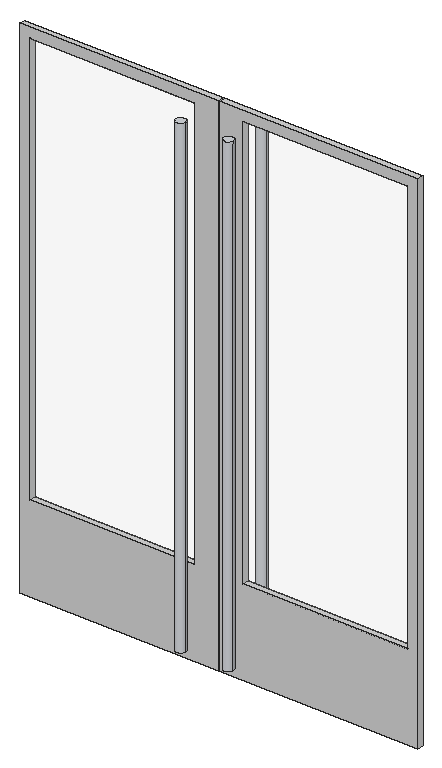
Revit family "DOOR_Double Glass_Balanced_Curtain Wall", category Doors, Revit 2024
Family settings
  OmniClass Number = 23.30.10.00
  OmniClass Title = Doors
  Always vertical = Yes
  Cut with Voids When Loaded = No
  Shared = No
  Room Calculation Point = No
Parameters (values of type "Full Lite")
  Thickness = 85.663 mm
  Swing_Angle [instance] = 90.00°
  Pivot_Distance = 70.00 mm
  Offset_Positive = if(CWPL_$Offset > 0.00 mm, abs(CWPL_$Offset), 0.00 mm)  # 0.00 mm
  Offset_Negative [instance] = if(CWPL_$Offset < 0.00 mm, abs(CWPL_$Offset), 0.00 mm)  # 0.00 mm
  Function = Interior
  EA_Repath [instance] = 0.00 mm
  Door_$Panel_Type = Nest_Door_Panel_Lite : 40mm Top and Hinge, 100mm Latch, 360mm Bottom
  Door_$Panel_Material = _Default
  Door_$Leaf_Width [instance] = CWPL_$Width / 2  # 831.877 mm
  Define Thermal Properties by = Schematic Type
  CWPL_$Width [instance] = 1663.754 mm
  CWPL_$Thickness = 25.00 mm
  CWPL_$Offset = 0.00 mm
  CWPL_$Height [instance] = 2133.60 mm
  Analytic Construction = "<None>"
Types (2, lengths in mm): name | Door_$Panel_Type | Door_$Panel_Material
  Glass | Nest_Door_Panel : Nest_Door_Panel | _Default - Glass - Transparent
  Full Lite | Nest_Door_Panel_Lite : 40mm Top and Hinge, 100mm Latch, 360mm Bottom | _Default
Reference planes
  plane 1 "Center (Front/Back)": y = 0
  plane 2: z = 0
  plane 3 "Center (Left/Right)": x = 0
  plane 4 "hinge": x = -831.877
  plane 5: x = 831.877
  plane 6 "Top": z = 2133.6
  plane 7 "Host": y = 0
  plane 8 "2": y = 0
  plane 9: y = -25
  plane 10: y = -100
  plane 11: y = 75
  plane 12: z = 2057.6
  plane 13: z = 76
  plane 14: x = -100
  plane 15: x = 100
Forms (mm)
  Extrusion 1, solid
    sketch origin (0, 0, 0) x (1, 0, 0) y (0, 1, 0)
      loop
        circle (-100, -100) r 20
      loop
        circle (-100, 75) r 20
      loop
        circle (100, -100) r 20
      loop
        circle (100, 75) r 20
    from 76 to 2057.6
Lines and regions (mm)
  symbolic lines, style "Elevation Swing"
    curve 1: line (0, 0, 2133.6) -> (-831.877, 0, 1066.8)
    curve 2: line (-831.877, 0, 1066.8) -> (0, 0, 0)
    curve 3: line (0, 0, 2133.6) -> (831.877, 0, 1066.8)
    curve 4: line (831.877, 0, 1066.8) -> (0, 0, 0)
Text (mm)
  text "Exterior" at (-1161.5, 797.241, 0), in view "Ref. Level"
  text "WORKPLANE = HOST" at (949.305, 281.209, 0), in view "Ref. Level"
Dimensions and locks
  equal spacing: plane 4 "hinge", plane 3 "Center (Left/Right)", plane 5
  "Offset_Negative": plane 8 "2" to plane 1 "Center (Front/Back)"
  "Offset_Positive": plane 7 "Host" to plane 8 "2"
  "CWPL_$Width": plane 4 "hinge" to plane 5
  "CWPL_$Height": plane 2 to plane 6 "Top"
  "CWPL_$Thickness": plane 7 "Host" to plane 9
  equal spacing: plane 2, curve 2, plane 6 "Top"
  locked: plane 9 to plane 10 at 75
  locked: plane 11 to plane 7 "Host" at 75
  level to plane 13 = 76.00 mm
  plane 12 to plane 6 "Top" = 76.00 mm
  equal spacing: plane 14, plane 3 "Center (Left/Right)", plane 15
  equal spacing: plane 2, curve 4, plane 6 "Top"
  aligned and locked: level to plane 2
  aligned and locked: nested 1 to plane 4 "hinge"
  aligned and locked: plane 6 "Top" to curve 1
  aligned and locked: plane 2 to curve 2
  aligned and locked: plane 4 "hinge" to curve 2
  aligned and locked: plane 10 to Extrusion 1 sketch curve  (x2)
  aligned and locked: plane 11 to Extrusion 1 sketch curve
  aligned and locked: plane 12 to Extrusion 1
  aligned and locked: plane 13 to Extrusion 1
  aligned and locked: plane 3 "Center (Left/Right)" to curve 2
  aligned and locked: curve 1 to plane 3 "Center (Left/Right)"
  aligned and locked: plane 5 to curve 4
  aligned and locked: nested 2 to plane 1 "Center (Front/Back)"
  aligned and locked: nested 2 to plane 5
  aligned and locked: nested 4 to plane 7 "Host"
  aligned and locked: plane 7 "Host" to nested 3
  aligned and locked: plane 4 "hinge" to nested 4
  aligned and locked: plane 5 to nested 3
  aligned and locked: nested 1 to plane 7 "Host"
Automatic sketch dimensions
  Extrusion 1 sketch curve to plane 14 = 0.00 mm  (x2)
  Extrusion 1 sketch curve to plane 11 = 0.00 mm
  Extrusion 1 sketch curve to plane 15 = 0.00 mm  (x2)
  Extrusion 1 sketch curve to plane 14 = 20.00 mm  (x2)
  Extrusion 1 sketch curve to Extrusion 1 sketch curve = 20.00 mm
  plane 15 to Extrusion 1 sketch curve = 20.00 mm
Nested families
  nested 1: "Nest_Door_Swing_Balanced" at (-831.877, 0, 0), Door_$Leaf1_Swing Angle <- "Swing_Angle", Door_$Leaf_Thickness <- "CWPL_$Thickness", Pivot_Distance <- "Pivot_Distance", Door_$Leaf_Width <- "Door_$Leaf_Width", type "Nest_Door_Swing_Pulls"
    with Pivot_Distance 70.00 mm, Leaf_Active Width 761.877 mm, Door_$Leaf_Width 831.877 mm, Door_$Leaf_Thickness 25.00 mm, Door_$Leaf1_Swing Angle 90.00°
  nested 2: "Nest_Door_Swing_Balanced" at (831.877, 0, 0) x (-1, 0, 0) z (0, 0, 1), Door_$Leaf1_Swing Angle <- "Swing_Angle", Door_$Leaf_Thickness <- "CWPL_$Thickness", Pivot_Distance <- "Pivot_Distance", Door_$Leaf_Width <- "Door_$Leaf_Width", type "Nest_Door_Swing_Pulls"
    with Pivot_Distance 70.00 mm, Leaf_Active Width 761.877 mm, Door_$Leaf_Width 831.877 mm, Door_$Leaf_Thickness 25.00 mm, Door_$Leaf1_Swing Angle 90.00°
  nested 3: "Nest_Door_Panel_Lite" at (831.877, 0, 0) x (-1, 0, 0) z (0, 0, 1), Door_$Leaf_Height <- "CWPL_$Height", Door_$Leaf_Thickness <- "CWPL_$Thickness", Door_$Panel_Material <- "Door_$Panel_Material", type <- "Door_$Panel_Type", type "40mm Top and Hinge, 100mm Latch, 360mm Bottom"
    with Door_$Panel_Material _Default, Door_$Leaf_Width 831.877 mm, Door_$Leaf_Thickness 25.00 mm, Door_$Leaf_Height 2133.60 mm
  nested 4: "Nest_Door_Panel_Lite" at (-831.877, 0, 0), Door_$Leaf_Height <- "CWPL_$Height", Door_$Leaf_Thickness <- "CWPL_$Thickness", Door_$Panel_Material <- "Door_$Panel_Material", type <- "Door_$Panel_Type", type "40mm Top and Hinge, 100mm Latch, 360mm Bottom"
    with Door_$Panel_Material _Default, Door_$Leaf_Width 831.877 mm, Door_$Leaf_Thickness 25.00 mm, Door_$Leaf_Height 2133.60 mm
Definition of nested family "Nest_Door_Panel_Lite"
  Parameters (values of type "40mm Top and Hinge, 100mm Latch, 360mm Bottom")
    Stile_Width_Latch = 100.00 mm
    Stile_Width_Hinge = 40.00 mm
    Rail_Width_Top = 40.00 mm
    Rail_Width_Bottom = 360.00 mm
    Door_Glass_Material = none
    Door_$Panel_Material [instance] = none
    Door_$Leaf_Width [instance] = 768.343 mm
    Door_$Leaf_Thickness [instance] = 85.663 mm
    Door_$Leaf_Height [instance] = 2256.108 mm
    Default Elevation = 1219.20 mm
  Reference planes
    plane 1 "Center (Front/Back)": y = 0
    plane 2: z = 0
    plane 3 "Center (Left/Right)": x = 0
    plane 4: z = 2256.108
    plane 5: x = 768.343
    plane 6: y = 85.663
    plane 7: x = 40
    plane 8: x = 668.343
    plane 9: z = 2216.108
    plane 10: z = 360
    plane 11 "CL_Glass": y = 42.831
  Forms (mm)
    Extrusion 1, solid, material <- "Door_$Panel_Material"
      sketch origin (0, 0, 0) x (1, 0, 0) y (0, 0, 1)
        loop
          line (0, 2256.108) -> (0, 0) -> (768.343, 0) -> (768.343, 2256.108) -> (0, 2256.108)
        loop
          line (40, 2216.108) -> (40, 360) -> (668.343, 360) -> (668.343, 2216.108) -> (40, 2216.108)
      from 0 to -85.663
    Extrusion 2, solid, material <- "Door_Glass_Material"
      sketch origin (0, 42.831, 0) x (-1, 0, 0) y (0, 0, 1)
        loop
          line (-40, 2216.108) -> (-668.343, 2216.108) -> (-668.343, 360) -> (-40, 360) -> (-40, 2216.108)
      from -12.5 to 12.5
  Dimensions and locks
    "Door_$Leaf_Width": plane 5 to plane 3 "Center (Left/Right)"
    "Door_$Leaf_Height": plane 4 to plane 2
    "Door_$Leaf_Thickness": plane 6 to plane 1 "Center (Front/Back)"
    "Rail_Width_Bottom": plane 10 to plane 2
    "Rail_Width_Top": plane 4 to plane 9
    "Stile_Width_Hinge": plane 7 to plane 3 "Center (Left/Right)"
    "Stile_Width_Latch": plane 5 to plane 8
    equal spacing: plane 1 "Center (Front/Back)", plane 11 "CL_Glass", plane 6
    aligned and locked: plane 2 to level
    aligned and locked: Extrusion 1 sketch curve to plane 4
    aligned and locked: plane 3 "Center (Left/Right)" to Extrusion 1 sketch curve
    aligned and locked: Extrusion 1 sketch curve to plane 5
    aligned and locked: plane 2 to Extrusion 1 sketch curve
    aligned and locked: plane 6 to Extrusion 1
    aligned and locked: Extrusion 1 sketch curve to plane 9
    aligned and locked: plane 7 to Extrusion 1 sketch curve
    aligned and locked: plane 10 to Extrusion 1 sketch curve
    aligned and locked: Extrusion 1 sketch curve to plane 8
    aligned and locked: plane 9 to Extrusion 2 sketch curve
    aligned and locked: Extrusion 2 sketch curve to plane 10
    aligned and locked: Extrusion 2 sketch curve to plane 8
    aligned and locked: plane 7 to Extrusion 2 sketch curve
Definition of nested family "Nest_Door_Swing_Balanced"
  Parameters (values of type "Nest_Door_Swing_Pulls")
    Pivot_Distance [instance] = 70.00 mm
    Leaf_Active Width [instance] = Door_$Leaf_Width - Pivot_Distance  # 857.052 mm
    Door_$Leaf_Width [instance] = 927.052 mm
    Door_$Leaf_Thickness [instance] = 25.00 mm
    Door_$Leaf1_Swing Angle [instance] = 30.00°
    Analytic Construction = "<None>"
  Reference planes
    plane 1 "Center (Front/Back)": y = 0
    plane 2: z = 0
    plane 3 "Center (Left/Right)": x = 0
    plane 4: x = 927.052
    plane 5: x = 70
  Lines and regions (mm)
    reference lines
      curve 1: line (70, 0, 0) -> (812.229, 428.526, 0)
    symbolic lines
      curve 2: line (3.128, -24.175, 0) -> (805.979, 439.352, 0)
      curve 3: line (15.628, -45.825, 0) -> (818.479, 417.701, 0)
      curve 4: arc (927.052, 0, 0) -> (897.849, 221.822, 0) -> (812.229, 428.526, 0) r 857.052
      curve 5: line (63.75, 10.825, 0) -> (76.25, -10.825, 0)
      curve 6: line (805.979, 439.352, 0) -> (818.479, 417.701, 0)
      curve 7: line (769.377, 302.749, 0) -> (855.979, 352.749, 0)
      curve 8: line (681.877, 454.303, 0) -> (769.377, 302.749, 0)
      curve 9: arc (786.697, 312.749, 0) -> (759.377, 320.07, 0) -> (752.056, 292.749, 0) r 20
      curve 10: arc (786.697, 312.749, 0) -> (779.377, 285.429, 0) -> (752.056, 292.749, 0) r 20
      curve 11: line (3.128, -24.175, 0) -> (15.628, -45.825, 0)
      curve 12: line (681.877, 454.303, 0) -> (768.479, 504.303, 0)
      curve 13: arc (699.197, 464.303, 0) -> (671.877, 471.624, 0) -> (664.556, 444.303, 0) r 20
      curve 14: arc (664.556, 444.303, 0) -> (691.877, 436.983, 0) -> (699.197, 464.303, 0) r 20
      curve 15: arc (0, 0, 0) -> (2.385, -18.117, 0) -> (9.378, -35, 0) r 70
  Dimensions and locks
    "Leaf_Active Width": curve 1 to curve 1
    locked: curve 7 to curve 3 at 75
    "Pivot_Distance": curve 11 to curve 5
    "Pivot_Distance": plane 3 "Center (Left/Right)" to plane 5
    "Leaf_Active Width": plane 5 to plane 4
    equal spacing: curve 3, curve 1, curve 2
    "Door_$Leaf_Thickness": curve 3 to curve 2
    curve 2 to curve 12 = 75.00 mm
    "Door_$Leaf_Width": plane 3 "Center (Left/Right)" to plane 4
    "Leaf_Active Width": radius of curve 4
    "Door_$Leaf1_Swing Angle": angle plane 1 "Center (Front/Back)" to curve 1
    "Door_$Leaf1_Swing Angle": angle curve 15 to curve 15
    aligned and locked: plane 2 to level
    aligned and locked: plane 1 "Center (Front/Back)" to curve 4
    aligned and locked: plane 4 to curve 4
    aligned and locked: curve 1 to curve 4
    aligned and locked: curve 5 to curve 1
    aligned and locked: curve 6 to curve 1
    aligned and locked: curve 7 to curve 9
    aligned and locked: plane 5 to curve 1
    aligned and locked: curve 12 to curve 14
    aligned and locked: curve 14 to curve 12
    aligned and locked: plane 1 "Center (Front/Back)" to curve 15
    aligned and locked: plane 3 "Center (Left/Right)" to curve 15
  Automatic sketch dimensions
    curve 4 to curve 15 = 0.00 mm
    plane 1 "Center (Front/Back)" to curve 1 = 0.00 mm
    curve 9 to curve 10 = 0.00 mm
    curve 13 to curve 14 = 0.00 mm
    curve 1 to curve 7 = 0.00 mm
    curve 12 to curve 1 = 0.00 mm
    curve 8 to curve 12 = 100.00 mm
    curve 9 to curve 7 = 0.00 mm
    curve 14 to curve 8 = 0.00 mm
    curve 13 to curve 8 = 20.00 mm
    curve 10 to curve 7 = 20.00 mm
